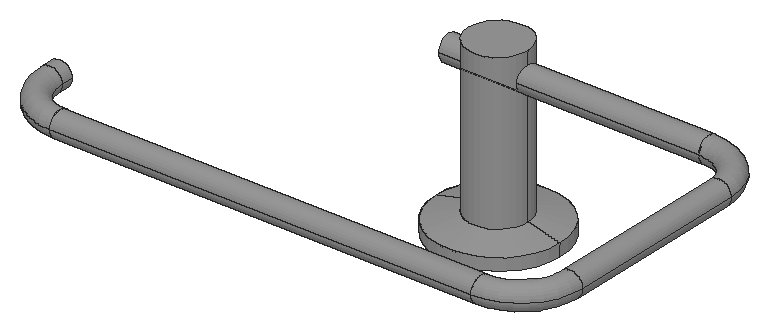
Revit family "MONAT Toallero anilla BC707600B", category Generic Models, host Face, Revit 2014
Parameters
  MODELO = "MONAT"
  MARCA = "WASSER"
  EMPRESA = "CHC COMERCIAL HISPANO CHILENA"
  Default Elevation = 1219.2 mm
  DIMENSIONES = ""
  CÓDIGO = "BC707600B"
  ACCESORIO = "TOALLERO ANILLA"
Reference planes
  plane 1 "Center (Front/Back)": y = 0
  plane 2: z = 0
  plane 3 "Center (Left/Right)": x = 0
  plane 4: z = 70
  plane 5: z = 5
  plane 6: x = -105
  plane 7: x = 105
  plane 8: y = 5
  plane 9: y = -115
Forms (mm)
  Extrusion 1, solid, material "Steel, Galvanized"
    sketch origin (0, 0, 0) x (1, 0, 0) y (0, 1, 0)
      loop
        circle (0, 0) r 25
    from 0 to 5
  Blend 2, solid, material "Steel, Galvanized"
    base sketch origin (0, 0, 10) x (1, 0, 0) y (0, 1, 0)
      loop
        circle (0, 0) r 25
    top sketch origin (0, 0, 10) x (1, 0, 0) y (0, 1, 0)
      loop
        circle (0, 0) r 12
    from -5 to -2.05
  Extrusion 3, solid, material "Steel, Galvanized"
    sketch origin (0, 0, 0) x (1, 0, 0) y (0, 1, 0)
      loop
        circle (0, 0) r 12
    from 7.95 to 70
  Sweep 4, solid, material "Steel, Galvanized"
    path origin (0, 0, 60) x (1, 0, 0) y (0, 1, 0)
      loop
        line (-20, 0) -> (85, 0)
        arc (85, 0) -> (99.142, -5.858) -> (105, -20) r 20
        line (105, -20) -> (105, -95)
        arc (105, -95) -> (99.142, -109.142) -> (85, -115) r 20
        line (85, -115) -> (-85, -115)
        arc (-85, -115) -> (-99.142, -109.142) -> (-105, -95) r 20
        line (-105, -95) -> (-105, -90)
    profile origin (32.5, 0, 60) x (0, 1, 0) y (0, 0, 1)
      loop
        circle (0, 0) r 5
Dimensions and locks
  aligned and locked: plane 2 to host face
  aligned and locked: level to host face
